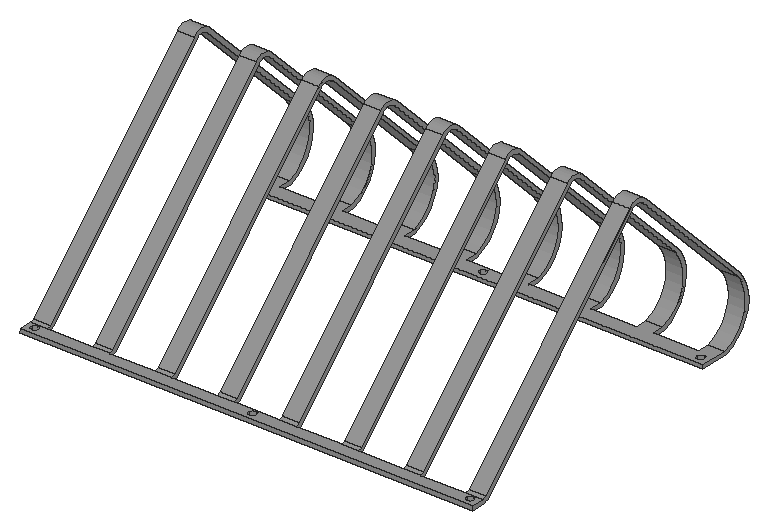
Revit family "Велопарковка «Овада» Арт 15068", category Антураж, Revit 2018
Family settings
  На основе рабочей плоскости = Нет
  Всегда вертикально = Да
  При загрузке вырезать с полостями = Нет
  Источник визуального образа = Геометрия семейства
  Общий = Нет
  Точка расчета площади = Нет
Parameters (values of type "1 Секция")
  Ширина = 915 mm  # constant formula
  Цвет каркаса = Сталь
  Описание = "Велопарковка «Овада»"  # constant formula
  Материал изделия = "Сталь"  # constant formula
  Type Comments = ""
  Type Image = Велопарковка «Овада» Арт 15068.jpg
  Изготовитель = "ООО «Хоббика»"  # constant formula
  Длина = 1200 mm  # constant formula
  Группа модели = "Велопарковки"  # constant formula
  Высота = 500 mm  # constant formula
  Артикул товара = "Арт.15068"  # constant formula
  URL = "https://hobbyka.ru/product/veloparkovka_ovada/"
Reference planes
  plane 1 "По центру (Вперед/Назад)": y = 0
  plane 2: z = 0
  plane 3 "По центру (Влево/Вправо)": x = 0
  plane 4: y = 915
  plane 5: x = 1200
  plane 6: z = 500
Forms (mm)
  Extrusion 1, solid, material "Сталь" <- "Цвет каркаса"
    sketch origin (0, 0, 0) x (0, 1, 0) y (0, 0, 1)
      loop
        line (0, 0) -> (36.152, 0)
        arc (36.152, 0) -> (44.999, 1.836) -> (52.642, 6.656) r 25.367
        line (52.642, 6.656) -> (528.116, 482.13)
        arc (528.116, 482.13) -> (547.115, 490) -> (566.114, 482.13) r 26.869
        line (566.114, 482.13) -> (875.71, 172.534)
        arc (875.71, 172.534) -> (901.97, 80.82) -> (838.051, 10) r 98.318
        line (838.051, 10) -> (765, 10) -> (765, 0) -> (839.675, 0)
        arc (839.675, 0) -> (911.516, 77.733) -> (882.781, 179.605) r 108.318
        line (882.781, 179.605) -> (573.185, 489.201)
        arc (573.185, 489.201) -> (547.115, 500) -> (521.045, 489.201) r 36.869
        line (521.045, 489.201) -> (45.744, 13.901)
        arc (45.744, 13.901) -> (41.219, 11.094) -> (36.008, 10) r 15.367
        line (36.008, 10) -> (0, 10) -> (0, 0)
    from 0 to 1200
  Extrusion 2, void
    sketch origin (0, 0, 0) x (1, 0, 0) y (0, 0, 1)
      loop
        line (45, 530) -> (45, 10) -> (165, 10) -> (165, 530) -> (45, 530)
      loop
        line (210, 530) -> (210, 10) -> (330, 10) -> (330, 530) -> (210, 530)
      loop
        line (375, 530) -> (375, 10) -> (495, 10) -> (495, 530) -> (375, 530)
      loop
        line (540, 530) -> (540, 10) -> (660, 10) -> (660, 530) -> (540, 530)
      loop
        line (705, 530) -> (705, 10) -> (825, 10) -> (825, 530) -> (705, 530)
      loop
        line (870, 530) -> (870, 10) -> (990, 10) -> (990, 530) -> (870, 530)
      loop
        line (1035, 530) -> (1035, 10) -> (1155, 10) -> (1155, 530) -> (1035, 530)
    from -915 to 0
  Extrusion 3, void
    sketch origin (0, 0, 0) x (1, 0, 0) y (0, 1, 0)
      loop
        line (45, 55.986) -> (45, 35) -> (165, 35) -> (165, 55.986) -> (45, 55.986)
      loop
        line (210, 55.986) -> (210, 35) -> (330, 35) -> (330, 55.986) -> (210, 55.986)
      loop
        line (375, 55.986) -> (375, 35) -> (495, 35) -> (495, 55.986) -> (375, 55.986)
      loop
        line (540, 55.986) -> (540, 35) -> (660, 35) -> (660, 55.986) -> (540, 55.986)
      loop
        line (705, 55.986) -> (705, 35) -> (825, 35) -> (825, 55.986) -> (705, 55.986)
      loop
        line (870, 55.986) -> (870, 35) -> (990, 35) -> (990, 55.986) -> (870, 55.986)
      loop
        line (1035, 55.986) -> (1035, 35) -> (1155, 35) -> (1155, 55.986) -> (1035, 55.986)
      loop
        line (45, 881.701) -> (45, 805.715) -> (165, 805.715) -> (165, 881.701) -> (45, 881.701)
      loop
        line (210, 881.701) -> (210, 805.715) -> (330, 805.715) -> (330, 881.701) -> (210, 881.701)
      loop
        line (375, 881.701) -> (375, 805.715) -> (495, 805.715) -> (495, 881.701) -> (375, 881.701)
      loop
        line (540, 881.701) -> (540, 805.715) -> (660, 805.715) -> (660, 881.701) -> (540, 881.701)
      loop
        line (705, 881.701) -> (705, 805.715) -> (825, 805.715) -> (825, 881.701) -> (705, 881.701)
      loop
        line (870, 881.701) -> (870, 805.715) -> (990, 805.715) -> (990, 881.701) -> (870, 881.701)
      loop
        line (1035, 881.701) -> (1035, 805.715) -> (1155, 805.715) -> (1155, 881.701) -> (1035, 881.701)
      loop
        circle (22.5, 20.922) r 10
      loop
        circle (1177.5, 20.922) r 10
      loop
        circle (600, 20.922) r 10
      loop
        circle (22.5, 785.922) r 10
      loop
        circle (1177.5, 785.922) r 10
      loop
        circle (600, 785.922) r 10
    from 0 to 10
Cuts and joins
  Extrusion 2, Extrusion 3 cuts Extrusion 1
Dimensions and locks
  "Длина": plane 3 "По центру (Влево/Вправо)" to plane 5
  "Ширина": plane 4 to plane 1 "По центру (Вперед/Назад)"
  "Высота": plane 6 to level
  aligned and locked: level to plane 2
  aligned and locked: plane 5 to Extrusion 1
Automatic sketch dimensions
  level to Extrusion 2 sketch curve = 10 mm  (x7)
  plane 3 "По центру (Влево/Вправо)" to Extrusion 2 sketch curve = 45 mm
  Extrusion 2 sketch curve to Extrusion 2 sketch curve = 120 mm  (x6)
  Extrusion 2 sketch curve to Extrusion 2 sketch curve = 45 mm  (x6)
  Extrusion 2 sketch curve to plane 5 = 45 mm
  plane 6 to Extrusion 2 sketch curve = 30 mm  (x7)
  plane 3 "По центру (Влево/Вправо)" to Extrusion 3 sketch curve = 22.5 mm  (x2)
  Extrusion 3 sketch curve to Extrusion 3 sketch curve = 22.5 mm  (x2)
  Extrusion 3 sketch curve to plane 4 = 33.299 mm  (x7)
  Extrusion 3 sketch curve to Extrusion 3 sketch curve = 120 mm  (x10)
  Extrusion 3 sketch curve to plane 1 "По центру (Вперед/Назад)" = 55.986 mm  (x4)
  Extrusion 3 sketch curve to Extrusion 3 sketch curve = 45 mm  (x12)
  Extrusion 3 sketch curve to plane 1 "По центру (Вперед/Назад)" = 20.922 mm  (x3)
  Extrusion 3 sketch curve to Extrusion 3 sketch curve = 60 mm  (x4)
  Extrusion 3 sketch curve to plane 1 "По центру (Вперед/Назад)" = 35 mm  (x2)
  Extrusion 3 sketch curve to plane 5 = 45 mm  (x2)
  Extrusion 3 sketch curve to plane 5 = 22.5 mm  (x2)
  Extrusion 3 sketch curve to Extrusion 3 sketch curve = 20.986 mm  (x7)
  Extrusion 3 sketch curve to Extrusion 3 sketch curve = 14.078 mm
  Extrusion 3 sketch curve to plane 4 = 129.078 mm  (x2)
  Extrusion 3 sketch curve to Extrusion 3 sketch curve = 95.779 mm
  Extrusion 3 sketch curve to Extrusion 3 sketch curve = 75.986 mm  (x2)
  Extrusion 3 sketch curve to Extrusion 3 sketch curve = 0 mm  (x4)
  Extrusion 3 sketch curve to Extrusion 3 sketch curve = 19.793 mm
  Extrusion 1 sketch curve to Extrusion 1 sketch curve = 0 mm  (x6)
  Extrusion 1 sketch curve to level = 0 mm  (x2)
  Extrusion 1 sketch curve to plane 1 "По центру (Вперед/Назад)" = 0 mm
  Extrusion 1 sketch curve to plane 1 "По центру (Вперед/Назад)" = 35.504 mm
  Extrusion 1 sketch curve to Extrusion 1 sketch curve = 10.24 mm
  Extrusion 1 sketch curve to plane 6 = 10.799 mm  (x2)
  Extrusion 1 sketch curve to plane 6 = 17.87 mm  (x2)
  Extrusion 1 sketch curve to Extrusion 1 sketch curve = 7.071 mm  (x2)
  Extrusion 1 sketch curve to Extrusion 1 sketch curve = 18.999 mm  (x2)
  level to Extrusion 1 sketch curve = 10 mm  (x2)
  Extrusion 1 sketch curve to plane 4 = 150 mm
  Extrusion 1 sketch curve to Extrusion 1 sketch curve = 41.189 mm
  Extrusion 1 sketch curve to Extrusion 1 sketch curve = 73.051 mm
  Extrusion 1 sketch curve to Extrusion 1 sketch curve = 1.624 mm
  Extrusion 1 sketch curve to plane 4 = 39.29 mm
  Extrusion 1 sketch curve to Extrusion 1 sketch curve = 93.012 mm
  Extrusion 1 sketch curve to Extrusion 1 sketch curve = 9.736 mm
  Extrusion 1 sketch curve to Extrusion 1 sketch curve = 0.144 mm
  Extrusion 1 sketch curve to Extrusion 1 sketch curve = 6.898 mm
  level to Extrusion 1 sketch curve = 6.656 mm
  Extrusion 1 sketch curve to plane 4 = 393.955 mm
  radius of Extrusion 3 sketch curve = 10 mm  (x6)
